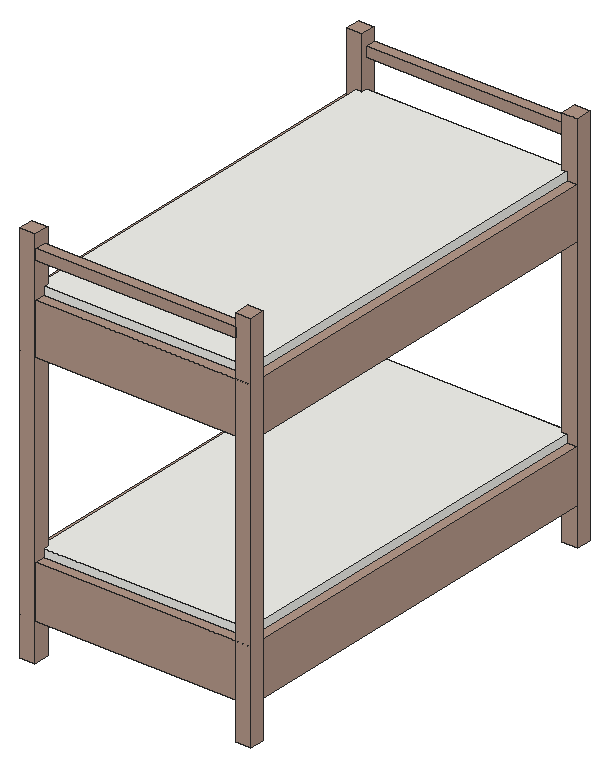
Revit family
Parameters (values of type "900 x 1650 mm")
  Width = 900 mm
  Mattress Material = Mattress
  Length = 1650 mm
  Bed Material = Wood
Types (3, lengths in mm): name | Length
  (no name) | 1650
  900 x 1650 mm | 1650
  900 x 1800 mm | 1800
Reference planes
  plane 1 "Center (Front/Back)": y = 0
  plane 2: z = 0
  plane 3 "Center (Left/Right)": x = 0
  plane 4: x = -450
  plane 5: x = 450
  plane 6: y = 825
  plane 7: y = -825
  plane 8: z = 1500
  plane 9: z = 1070
Forms (mm)
  Extrusion 1, solid, material "Wood" <- "Bed Material"
    sketch origin (0, 0, 0) x (1, 0, 0) y (0, 1, 0)
      loop
        line (-450, 825) -> (-450, -825) -> (450, -825) -> (450, 825) -> (-450, 825)
      loop
        line (-410, 785) -> (-410, -785) -> (410, -785) -> (410, 785) -> (-410, 785)
    from 150 to 355
  Extrusion 2, solid, material "Wood" <- "Bed Material"
    sketch origin (0, 0, 0) x (1, 0, 0) y (0, 1, 0)
      loop
        line (-450, 825) -> (-450, 765) -> (-390, 765) -> (-390, 825) -> (-450, 825)
      loop
        line (450, 825) -> (390.342, 825) -> (390.342, 765) -> (450, 765) -> (450, 825)
      loop
        line (450, -825) -> (450, -765) -> (390, -765) -> (390, -825) -> (450, -825)
      loop
        line (-450, -825) -> (-390, -825) -> (-390, -765) -> (-450, -765) -> (-450, -825)
    from 0 to 1500
  Extrusion 3, solid, material "Mattress" <- "Mattress Material"
    sketch origin (0, 0, 0) x (1, 0, 0) y (0, 1, 0)
      loop
        line (-410, 785) -> (-410, -785) -> (410, -785) -> (410, 785) -> (-410, 785)
    from 200 to 385
  Extrusion 4, solid, material "Wood" <- "Bed Material"
    sketch origin (0, 0, 1070) x (-1, 0, 0) y (0, 1, 0)
      loop
        line (450, 825) -> (-450, 825) -> (-450, -825) -> (450, -825) -> (450, 825)
      loop
        line (410, 785) -> (-410, 785) -> (-410, -785) -> (410, -785) -> (410, 785)
    from 0 to -200
  Extrusion 5, solid, material "Mattress" <- "Mattress Material"
    sketch origin (0, 0, 1070) x (-1, 0, 0) y (0, 1, 0)
      loop
        line (410, 785) -> (-410, 785) -> (-410, -785) -> (410, -785) -> (410, 785)
    from -50 to -230
  Extrusion 6, solid, material "Wood" <- "Bed Material"
    sketch origin (0, 0, 1500) x (0, -1, 0) y (-1, 0, 0)
      loop
        line (-825, 390) -> (-825, -390.342) -> (-785, -390.342) -> (-785, 390) -> (-825, 390)
      loop
        line (785, 390) -> (785, -390) -> (825, -390) -> (825, 390) -> (785, 390)
    from 50 to 90
Lines and regions (mm)
  Masking region 1
    outline origin (0, 0, 1500) x (0, -1, 0) y (1, 0, 0)
      loop
        line (-825, -450) -> (825, -450) -> (825, 450) -> (-825, 450) -> (-825, -450)
  Masking region 2
    outline origin (0, 0, 1500) x (0, -1, 0) y (1, 0, 0)
      loop
        line (-825, -450) -> (825, -450) -> (825, 450) -> (-825, 450) -> (-825, -450)
  symbolic lines
    curve 1: line (-410, 785, 0) -> (410, 785, 0)
    curve 2: line (-410, -785, 0) -> (-410, 785, 0)
    curve 3: line (410, -785, 0) -> (-410, -785, 0)
    curve 4: line (410, 785, 0) -> (410, -785, 0)
    curve 5: line (-450, 825, 0) -> (450, 825, 0)
    curve 6: line (-450, -825, 0) -> (-450, 825, 0)
    curve 7: line (450, -825, 0) -> (-450, -825, 0)
    curve 8: line (450, 825, 0) -> (450, -825, 0)
    curve 9: line (-450, 0, 0) -> (-450, 0, 1500)
    curve 10: line (-450, 0, 1500) -> (-390, 0, 1500)
    curve 11: line (-390, 0, 1500) -> (-390, 0, 0)
    curve 12: line (-390, 0, 0) -> (-450, 0, 0)
    curve 13: line (390, 0, 0) -> (390, 0, 1500)
    curve 14: line (390, 0, 1500) -> (450, 0, 1500)
    curve 15: line (450, 0, 1500) -> (450, 0, 0)
    curve 16: line (450, 0, 0) -> (390, 0, 0)
    curve 17: line (-390, 0, 1450) -> (390, 0, 1450)
    curve 18: line (390, 0, 1410) -> (-390, 0, 1410)
    curve 19: line (-390, 0, 1300) -> (390, 0, 1300)
    curve 20: line (-390, 0, 1270) -> (390, 0, 1270)
    curve 21: line (-390, 0, 1070) -> (390, 0, 1070)
    curve 22: line (-390, 0, 385) -> (390, 0, 385)
    curve 23: line (-390, 0, 355) -> (390, 0, 355)
    curve 24: line (-390, 0, 150) -> (390, 0, 150)
    curve 25: line (0, 825, 0) -> (0, 765, 0)
    curve 26: line (0, 825, 1500) -> (0, 825, 0)
    curve 27: line (0, 765, 1500) -> (0, 825, 1500)
    curve 28: line (0, 765, 0) -> (0, 765, 1500)
    curve 29: line (0, -765, 0) -> (0, -825, 0)
    curve 30: line (0, -765, 1500) -> (0, -765, 0)
    curve 31: line (0, -825, 1500) -> (0, -765, 1500)
    curve 32: line (0, -825, 0) -> (0, -825, 1500)
    curve 33: line (0, 765, 1300) -> (0, -765, 1300)
    curve 34: line (0, 765, 1270) -> (0, -765, 1270)
    curve 35: line (0, 765, 1070) -> (0, -765, 1070)
    curve 36: line (0, 765, 355) -> (0, -765, 355)
    curve 37: line (0, 765, 385) -> (0, -755, 385)
    curve 38: line (0, 765, 150) -> (0, -765, 150)
    curve 39: line (-450, 825, 1500) -> (450, 825, 1500)
    curve 40: line (450, 825, 1500) -> (450, -825, 1500)
    curve 41: line (450, -825, 1500) -> (-450, -825, 1500)
    curve 42: line (-450, -825, 1500) -> (-450, 825, 1500)
    curve 43: line (410, -785, 1500) -> (-410, -785, 1500)
    curve 44: line (-410, -785, 1500) -> (-410, 785, 1500)
    curve 45: line (-410, 785, 1500) -> (410, 785, 1500)
    curve 46: line (410, 785, 1500) -> (410, -785, 1500)
Dimensions and locks
  equal spacing: plane 4, plane 3 "Center (Left/Right)", plane 5
  "Width": plane 4 to plane 5
  equal spacing: plane 7, plane 1 "Center (Front/Back)", plane 6
  "Length": plane 7 to plane 6
  locked: plane 8 to level at 1500
  aligned and locked: Extrusion 2 sketch curve to Extrusion 2 sketch curve
  aligned and locked: Extrusion 1 to Extrusion 3 sketch curve
  aligned and locked: Extrusion 3 sketch curve to Extrusion 1  (x3)
  aligned and locked: plane 8 to Extrusion 2
  aligned and locked: Extrusion 1 to Extrusion 4 sketch curve
  aligned and locked: Extrusion 4 sketch curve to Extrusion 1  (x3)
  aligned and locked: Extrusion 1 to Extrusion 5 sketch curve
  aligned and locked: Extrusion 5 sketch curve to Extrusion 1  (x3)
  aligned and locked: Extrusion 2 to Extrusion 6 sketch curve  (x2)
  aligned and locked: Extrusion 6 sketch curve to Extrusion 1
  aligned and locked: Extrusion 6 sketch curve to Extrusion 2  (x4)
  aligned and locked: Extrusion 1 to Extrusion 6 sketch curve
  aligned and locked: Masking region 1 sketch curve to curve 5
  aligned and locked: Masking region 1 sketch curve to curve 8
  aligned and locked: Masking region 1 sketch curve to curve 7
  aligned and locked: Masking region 1 sketch curve to curve 6
  aligned and locked: curve 39 to curve 5
  aligned and locked: curve 40 to curve 8
  aligned and locked: curve 41 to curve 7
  aligned and locked: curve 42 to curve 6
  aligned and locked: curve 43 to curve 3
  aligned and locked: curve 44 to curve 2
  aligned and locked: curve 45 to curve 1
  aligned and locked: curve 46 to curve 4
  aligned and locked: Masking region 2 sketch curve to Extrusion 6  (x2)
  aligned and locked: Masking region 2 sketch curve to Extrusion 4  (x2)
Automatic sketch dimensions
  plane 4 to Extrusion 1 sketch curve = 40 mm
  plane 6 to Extrusion 1 sketch curve = 40 mm
  Extrusion 1 sketch curve to plane 5 = 40 mm
  Extrusion 1 sketch curve to plane 7 = 40 mm
  plane 4 to Extrusion 2 sketch curve = 60 mm
  Extrusion 2 sketch curve to Extrusion 2 sketch curve = 60 mm  (x3)
  Extrusion 2 sketch curve to plane 5 = 59.658 mm
  Extrusion 2 sketch curve to plane 7 = 60 mm  (x2)
  Extrusion 1 sketch curve to plane 5 = 0 mm
  Extrusion 2 sketch curve to plane 5 = 0 mm  (x2)
  Extrusion 4 sketch curve to plane 5 = 0 mm
  Extrusion 1 sketch curve to plane 7 = 0 mm
  Extrusion 2 sketch curve to plane 7 = 0 mm  (x2)
  Extrusion 4 sketch curve to plane 7 = 0 mm
  Extrusion 1 sketch curve to plane 4 = 0 mm
  Extrusion 2 sketch curve to plane 4 = 0 mm  (x2)
  Extrusion 4 sketch curve to plane 4 = 0 mm
  Extrusion 1 sketch curve to plane 6 = 0 mm
  Extrusion 2 sketch curve to plane 6 = 0 mm  (x2)
  Extrusion 4 sketch curve to plane 6 = 0 mm
  curve 5 to plane 4 = 0 mm
  curve 7 to plane 5 = 0 mm
  curve 7 to plane 7 = 0 mm
  curve 6 to plane 6 = 0 mm
  plane 4 to curve 3 = 40 mm
  curve 3 to plane 5 = 40 mm
  curve 3 to plane 7 = 40 mm
  plane 6 to curve 1 = 40 mm
  curve 9 to plane 4 = 0 mm
  curve 11 to level = 0 mm
  curve 11 to plane 8 = 0 mm
  curve 21 to plane 9 = 0 mm
  curve 16 to level = 0 mm
  curve 13 to plane 8 = 0 mm
  curve 15 to plane 5 = 0 mm
  curve 9 to curve 11 = 60 mm
  curve 24 to plane 5 = 60 mm
  level to curve 24 = 150 mm
  curve 24 to curve 23 = 205 mm
  curve 23 to curve 22 = 30 mm
  curve 21 to curve 20 = 200 mm
  curve 20 to curve 19 = 30 mm
  plane 8 to curve 18 = 90 mm
  curve 18 to curve 17 = 40 mm
  curve 32 to level = 0 mm
  curve 32 to plane 7 = 0 mm
  curve 35 to plane 9 = 0 mm
  curve 30 to plane 8 = 0 mm
  curve 28 to level = 0 mm
  curve 28 to plane 8 = 0 mm
  curve 26 to plane 6 = 0 mm
  curve 38 to plane 7 = 60 mm
  curve 36 to curve 37 = 10 mm
  plane 6 to curve 28 = 60 mm
  level to curve 38 = 150 mm
  curve 38 to curve 36 = 205 mm
  curve 36 to curve 37 = 30 mm
  curve 34 to plane 9 = 200 mm
  curve 34 to curve 33 = 30 mm
